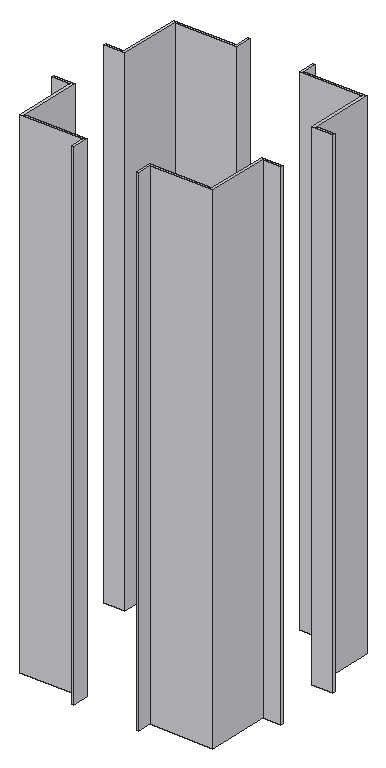
Revit family "inside_square", category Generic Models, Revit 2025
Family settings
  Can host rebar = No
  Round Connector Dimension = Use Diameter
  Part Type = Normal
  Work Plane-Based = No
  Always vertical = Yes
  Cut with Voids When Loaded = No
  Maintain Annotation Orientation = No
  Shared = No
  Room Calculation Point = No
Parameters
  Nominal Diameter = 0' - 4 1/2"
  Length = 1' - 0"
  Inside Spacing = Diameter Inner / 2  # 0' - 2 1/4"
  Guage = 0' - 0 1/16"
  Diameter Outer = Nominal Diameter * 1.8889  # 0' - 8.50005"
  Diameter Inner = Nominal Diameter  # 0' - 4 1/2"
  Default Elevation = 0' - 0"
Reference planes (in)
  plane 1 "Center (Front/Back)": y = 0
  plane 2: z = 0
  plane 3 "Center (Left/Right)": x = 0
  plane 4: y = 4.25002
  plane 5: y = -4.25003
  plane 6: x = -4.25002
  plane 7: x = 4.25003
  plane 8: x = -2.25
  plane 9: x = 2.25
  plane 10: y = 2.25
  plane 11: y = -2.25
  plane 12: through (0, 0, 48) normal (0.7071, 0.7071, 0)
  plane 13: through (-53.5, 59.51044, 48) normal (0.7071, 0.7071, 0)
  plane 14: through (-59.51044, 53.5, 48) normal (0.7071, 0.7071, 0)
  plane 15: through (0, 0, 48) normal (-0.7071, 0.7071, 0)
  plane 16: through (-89.89388, -83.88343, 48) normal (-0.7071, 0.7071, 0)
  plane 17: through (-83.88343, -89.89388, 48) normal (-0.7071, 0.7071, 0)
  plane 18: y = 1.125
  plane 19: y = -1.125
  plane 20: x = -1.125
  plane 21: x = 1.125
  plane 22: y = -0.75
  plane 23: y = 0.75
  plane 24: x = -0.75
  plane 25: x = 0.75
Forms (in)
  Extrusion 1, solid
    sketch origin (0, 0, 0) x (1, 0, 0) y (0, 1, 0)
      loop
        line (-2.74343, 0.75) -> (-2.25, 0.75) -> (-2.25, 2.25) -> (-0.75, 2.25) -> (-0.75, 2.63921) -> (-0.8125, 2.63921) -> (-0.8125, 2.3125) -> (-2.3125, 2.3125) -> (-2.3125, 0.8125) -> (-2.74343, 0.8125) -> (-2.74343, 0.75)
      loop
        line (2.74343, 0.75) -> (2.74343, 0.8125) -> (2.3125, 0.8125) -> (2.3125, 2.3125) -> (0.8125, 2.3125) -> (0.8125, 2.63921) -> (0.75, 2.63921) -> (0.75, 2.25) -> (2.25, 2.25) -> (2.25, 0.75) -> (2.74343, 0.75)
      loop
        line (2.74343, -0.75) -> (2.25, -0.75) -> (2.25, -2.25) -> (0.75, -2.25) -> (0.75, -2.63921) -> (0.8125, -2.63921) -> (0.8125, -2.3125) -> (2.3125, -2.3125) -> (2.3125, -0.8125) -> (2.74343, -0.8125) -> (2.74343, -0.75)
      loop
        line (-2.74343, -0.75) -> (-2.74343, -0.8125) -> (-2.3125, -0.8125) -> (-2.3125, -2.3125) -> (-0.8125, -2.3125) -> (-0.8125, -2.63921) -> (-0.75, -2.63921) -> (-0.75, -2.25) -> (-2.25, -2.25) -> (-2.25, -0.75) -> (-2.74343, -0.75)
    from 0 to 12 <- "Length"
Lines and regions (in)
  model lines
    curve 1: circle (0, 0, 0) r 4.25003 normal (0, 0, 1)
    curve 2: circle (0, 0, 0) r 2.25 normal (0, 0, 1)
Dimensions and locks (in)
  equal spacing: plane 6, plane 3 "Center (Left/Right)", plane 7
  equal spacing: plane 5, plane 1 "Center (Front/Back)", plane 4
  "Diameter Outer": plane 4 to plane 5
  "Diameter Outer": plane 6 to plane 7
  equal spacing: plane 11, plane 1 "Center (Front/Back)", plane 10
  "Diameter Inner": plane 10 to plane 11
  equal spacing: plane 8, plane 3 "Center (Left/Right)", plane 9
  "Diameter Inner": plane 8 to plane 9
  equal spacing: plane 16, plane 15, plane 17
  "Diameter Outer": plane 16 to plane 17
  equal spacing: plane 13, plane 12, plane 14
  "Diameter Outer": plane 13 to plane 14
  equal spacing: plane 19, plane 1 "Center (Front/Back)", plane 18
  "Inside Spacing": plane 19 to plane 18
  equal spacing: plane 20, plane 3 "Center (Left/Right)", plane 21
  "Inside Spacing": plane 20 to plane 21
  equal spacing: plane 11, plane 22, plane 23, plane 10
  equal spacing: plane 8, plane 24, plane 25, plane 9
  "Guage": Extrusion 1 sketch curve to Extrusion 1 sketch curve  (x16)
  "Diameter Outer": diameter of curve 1
  "Diameter Inner": diameter of curve 2
  aligned and locked: plane 2 to level
  aligned and locked: plane 3 "Center (Left/Right)" to curve 1
  aligned and locked: plane 1 "Center (Front/Back)" to curve 1
  aligned and locked: plane 3 "Center (Left/Right)" to curve 2
  aligned and locked: plane 1 "Center (Front/Back)" to curve 2
  aligned and locked: plane 24 to Extrusion 1 sketch curve
  aligned and locked: Extrusion 1 sketch curve to plane 10
  aligned and locked: plane 8 to Extrusion 1 sketch curve
  aligned and locked: plane 23 to Extrusion 1 sketch curve
  aligned and locked: Extrusion 1 sketch curve to plane 25
  aligned and locked: plane 10 to Extrusion 1 sketch curve
  aligned and locked: Extrusion 1 sketch curve to plane 9
  aligned and locked: Extrusion 1 sketch curve to plane 23
  aligned and locked: plane 22 to Extrusion 1 sketch curve
  aligned and locked: plane 9 to Extrusion 1 sketch curve
  aligned and locked: Extrusion 1 sketch curve to plane 11
  aligned and locked: plane 25 to Extrusion 1 sketch curve
  aligned and locked: Extrusion 1 sketch curve to plane 24
  aligned and locked: plane 11 to Extrusion 1 sketch curve
  aligned and locked: Extrusion 1 sketch curve to plane 8
  aligned and locked: Extrusion 1 sketch curve to plane 22
Automatic sketch dimensions
  Extrusion 1 sketch curve to Extrusion 1 sketch curve = 0' - 0.43093"  (x4)
  Extrusion 1 sketch curve to Extrusion 1 sketch curve = 0' - 0.32671"  (x4)
